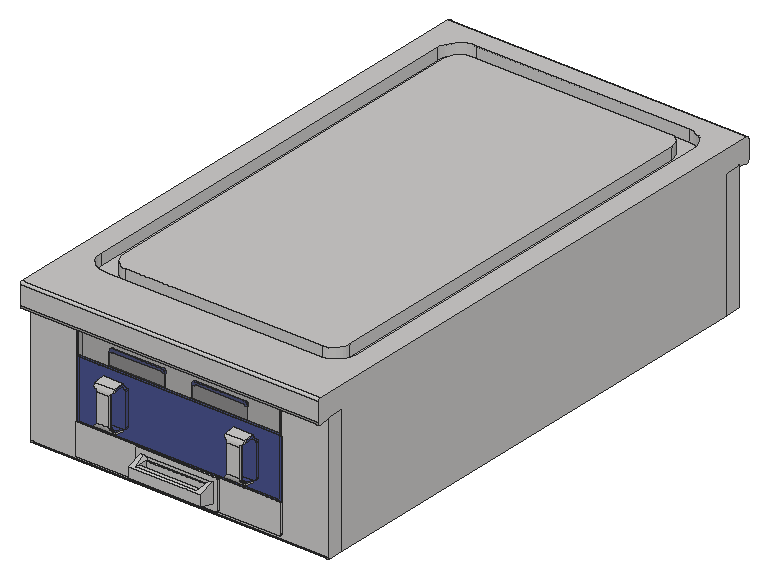
Revit family "QF_ELECTROLUXPROFESSIONAL_589003_MCLBAAEOAO", category Specialty Equipment, Revit 2018
Family settings
  Round Connector Dimension = Use Diameter
  Part Type = Normal
  Work Plane-Based = No
  Always vertical = Yes
  Cut with Voids When Loaded = No
  Shared = No
  Room Calculation Point = No
Parameters
  Weight in Pounds = 165.3
  Watts = 6000 VA  # 6000 W
  Volts = 400 V  # constant formula
  URL Cutsheet = ""
  Type Mark [instance] = ""
  Status [instance] = ""
  Specification by User [instance] = ""
  Specification by Manufacturer = ""
  Show Clearance [instance] = yes
  Serial Number = ""
  Seismic Rating = ""
  SMACNA No = ""
  Revision Code [instance] = ""
  Phase = 3  # constant formula
  Omniclass Number and Title = ""
  Number of Poles [instance] = 1
  NAFEM Spec ID Number = ""
  Model = "589003"
  Min Ckt Ampacity = 0 A
  Max Overcurrent Protection = 0 A
  Masterspec = ""
  Manufacturer = "ELECTROLUX"
  Item Number [instance] = ""
  Installed By [instance] = ""
  Identify Quantity as Lot [instance] = yes
  HP = "8 HP"
  Furnished By [instance] = ""
  Foodservice Equipment Identifier [instance] = yes
  FL Amps [instance] = if(Phase = 3, Watts / (Volts * 1.73), Watts / Volts)  # 8.67052 A
  Electrical Remarks = "400 V/3N ph/50/60 Hz"  # constant formula
  Electric Connection Type [instance] = ""
  Elec Conn RI Height [instance] = 0 mm
  Elec Conn Connection Height [instance] = 0 mm
  Direct Waste Size = 0"
  Description = "EL.SOLID TOP,2 ZONES,ECO,1S,500X900X250H"
  Cycle [instance] = if([60 Hertz Option], 60 Hz, 50 Hz)  # 60 Hz
  Conn Plug = ""
  Conn Conduit = yes
  CSI MasterFormat = ""
  CSI Master Format = ""
  Back Panel [instance] = yes
  Apparent Power [instance] = if(Phase = 3, Volts * FL Amps * 1.73, Volts * FL Amps)  # 6000 VA
  60 Hertz Option [instance] = not([50 Hertz Option])  # yes
  50 Hertz Option [instance] = no
Reference planes
  plane 1 "BACK": y = 0
  plane 2: z = 0
  plane 3 "LEFT": x = 0
  plane 4 "RIGHT": x = 500
  plane 5 "FRONT": y = -900
  plane 6 "TOP": z = 250
  plane 7: x = 250
  plane 8: y = -450
  plane 9: z = 582.185
  plane 10: x = 455
  plane 11: y = -1330
Forms (mm)
  Extrusion 1, solid, material "QF_Finishes_Stainless Steel"
    sketch origin (0, -487.128, 0) x (0, 1, 0) y (0, 0, 1)
      loop
        line (483.128, 250) -> (-408.872, 250)
        arc (-408.872, 250) -> (-411.7, 248.828) -> (-412.872, 246) r 4
        line (-412.872, 246) -> (-412.872, 214)
        arc (-412.872, 214) -> (-411.443, 210.936) -> (-408.177, 210.061) r 4
        line (-408.177, 210.061) -> (-391.509, 213) -> (-366.872, 213) -> (-366.872, 0) -> (441.128, 0) -> (441.128, 213) -> (465.765, 213) -> (482.433, 210.061)
        arc (482.433, 210.061) -> (485.699, 210.936) -> (487.128, 214) r 4
        line (487.128, 214) -> (487.128, 246)
        arc (487.128, 246) -> (485.956, 248.828) -> (483.128, 250) r 4
    from 0 to 500
  Extrusion 2, solid, material "QF_Finishes_Stainless Steel", visible <- "Back Panel"
    sketch origin (0, 0, 0) x (0, 1, 0) y (0, 0, 1)
      loop
        line (-46, 0) -> (-20, 0) -> (-20, 215)
        arc (-20, 215) -> (-20.586, 213.586) -> (-22, 213) r 2
        line (-22, 213) -> (-46, 213) -> (-46, 0)
    from 0 to 500
  Extrusion 3, void
    sketch origin (653.786, 44.048, 250) x (1, 0, 0) y (0, -1, 0)
      loop
        arc (-619.186, 115.648) -> (-608.349, 89.485) -> (-582.186, 78.648) r 37
        line (-582.186, 78.648) -> (-225.386, 78.648)
        arc (-225.386, 78.648) -> (-199.223, 89.485) -> (-188.386, 115.648) r 37
        line (-188.386, 115.648) -> (-188.386, 816.572)
        arc (-188.386, 816.572) -> (-199.656, 843.779) -> (-226.863, 855.048) r 38.476
        line (-226.863, 855.048) -> (-582.186, 855.048)
        arc (-582.186, 855.048) -> (-608.349, 844.211) -> (-619.186, 818.048) r 37
        line (-619.186, 818.048) -> (-619.186, 115.648)
    from 0 to 19.1
  Extrusion 4, solid, material "QF_Finishes_Stainless Steel"
    sketch origin (0, -854, 0) x (1, 0, 0) y (0, -1, 0)
      loop
        circle (455, -169) r 6.35
    from 0 to 3.2
  Extrusion 5, solid, material "QF_Finishes_Stainless Steel"
    sketch origin (653.786, 109.048, 230.9) x (1, 0, 0) y (0, 1, 0)
      loop
        arc (-568.386, -169.048) -> (-586.347, -176.488) -> (-593.786, -194.448) r 25.4
        line (-593.786, -194.448) -> (-593.786, -869.248)
        arc (-593.786, -869.248) -> (-586.347, -887.209) -> (-568.386, -894.648) r 25.4
        line (-568.386, -894.648) -> (-239.186, -894.648)
        arc (-239.186, -894.648) -> (-221.226, -887.209) -> (-213.786, -869.248) r 25.4
        line (-213.786, -869.248) -> (-213.786, -194.448)
        arc (-213.786, -194.448) -> (-221.226, -176.488) -> (-239.186, -169.048) r 25.4
        line (-239.186, -169.048) -> (-568.386, -169.048)
    from 0 to 19.1
  Extrusion 6, solid, material "QF_Door-Drawer Clearances", visible <- "Show Clearance", detail levels coarse
    sketch origin (287.31, -881.593, 8.62) x (0, 0, 1) y (-1, 0, 0)
      loop
        line (1.973, -134.295) -> (49.317, -134.295)
        arc (49.317, -134.295) -> (50.776, -133.691) -> (51.38, -132.232) r 2.063
        line (51.38, -132.232) -> (51.38, 206.852)
        arc (51.38, 206.852) -> (50.88, 208.549) -> (49.541, 209.705) r 3.133
        line (49.541, 209.705) -> (3.067, 209.705)
        arc (3.067, 209.705) -> (0.898, 208.807) -> (0, 206.638) r 3.067
        line (0, 206.638) -> (0, -132.322)
        arc (0, -132.322) -> (0.578, -133.717) -> (1.973, -134.295) r 1.973
    from 0 to 448.407
Cuts and joins
  Extrusion 3 cuts Extrusion 1
Lines and regions (mm)
  symbolic lines
    curve 1: line (0, 0, 0) -> (500, 0, 0)
    curve 2: line (0, -900, 0) -> (0, 0, 0)
    curve 3: line (500, -900, 0) -> (0, -900, 0)
    curve 4: line (500, 0, 0) -> (500, -900, 0)
    curve 5: line (124.883, -902.326, 0) -> (124.883, -900, 0)
    curve 6: spline (130.551, -903.73, 0) -> (130.073, -903.657, 0) -> (129.595, -903.575, 0) -> (129.118, -903.486, 0) -> (128.642, -903.389, 0) -> (128.167, -903.283, 0) -> (127.693, -903.17, 0) -> (127.221, -903.049, 0) -> (126.75, -902.92, 0) -> (126.281, -902.783, 0) -> (125.813, -902.638, 0) -> (125.347, -902.486, 0) -> (124.883, -902.326, 0)
    curve 7: line (157.098, -902.326, 0) -> (157.098, -900, 0)
    curve 8: spline (157.098, -902.326, 0) -> (156.634, -902.486, 0) -> (156.168, -902.638, 0) -> (155.7, -902.783, 0) -> (155.231, -902.92, 0) -> (154.76, -903.049, 0) -> (154.287, -903.17, 0) -> (153.814, -903.283, 0) -> (153.339, -903.389, 0) -> (152.863, -903.486, 0) -> (152.386, -903.575, 0) -> (151.908, -903.657, 0) -> (151.429, -903.73, 0)
    curve 9: line (130.551, -903.73, 0) -> (151.429, -903.73, 0)
    curve 10: line (375.117, -902.326, 0) -> (375.117, -900, 0)
    curve 11: spline (369.449, -903.73, 0) -> (369.927, -903.657, 0) -> (370.405, -903.575, 0) -> (370.882, -903.486, 0) -> (371.358, -903.389, 0) -> (371.833, -903.283, 0) -> (372.307, -903.17, 0) -> (372.779, -903.049, 0) -> (373.25, -902.92, 0) -> (373.719, -902.783, 0) -> (374.187, -902.638, 0) -> (374.653, -902.486, 0) -> (375.117, -902.326, 0)
    curve 12: line (342.902, -902.326, 0) -> (342.902, -900, 0)
    curve 13: spline (342.902, -902.326, 0) -> (343.366, -902.486, 0) -> (343.832, -902.638, 0) -> (344.3, -902.783, 0) -> (344.769, -902.92, 0) -> (345.24, -903.049, 0) -> (345.713, -903.17, 0) -> (346.186, -903.283, 0) -> (346.661, -903.389, 0) -> (347.137, -903.486, 0) -> (347.614, -903.575, 0) -> (348.092, -903.657, 0) -> (348.571, -903.73, 0)
    curve 14: line (369.449, -903.73, 0) -> (348.571, -903.73, 0)
    curve 26: line (414.6, -60, 0) -> (85.4, -60, 0)
    curve 27: arc (85.4, -60, 0) -> (67.439, -67.439, 0) -> (60, -85.4, 0) r 25.4
    curve 28: line (60, -85.4, 0) -> (60, -760.2, 0)
    curve 29: arc (60, -760.2, 0) -> (67.439, -778.161, 0) -> (85.4, -785.6, 0) r 25.4
    curve 30: line (85.4, -785.6, 0) -> (414.6, -785.6, 0)
    curve 31: arc (414.6, -785.6, 0) -> (432.561, -778.161, 0) -> (440, -760.2, 0) r 25.4
    curve 32: line (440, -760.2, 0) -> (440, -85.4, 0)
    curve 33: arc (440, -85.4, 0) -> (432.561, -67.439, 0) -> (414.6, -60, 0) r 25.4
    curve 34: line (197.608, -908.767, 0) -> (196.03, -900, 0)
    curve 35: line (197.608, -908.767, 0) -> (300.042, -908.767, 0)
    curve 36: line (300.042, -908.767, 0) -> (301.62, -900, 0)
  symbolic lines, style "QF_Door-Drawer Clearances"
    curve 15: line (77.605, -1330, 0) -> (77.605, -900, 0)
    curve 16: line (77.605, -1330, 0) -> (421.605, -1330, 0)
    curve 17: line (421.605, -1330, 0) -> (421.605, -900, 0)
  symbolic lines, style "SpecialityEquipment"
    curve 18: line (71.6, -34.6, 0) -> (428.4, -34.6, 0)
    curve 19: arc (428.4, -34.6, 0) -> (454.563, -45.437, 0) -> (465.4, -71.6, 0) r 37
    curve 20: line (465.4, -71.6, 0) -> (465.4, -772.524, 0)
    curve 21: arc (465.4, -772.524, 0) -> (454.131, -799.731, 0) -> (426.924, -811, 0) r 38.476
    curve 22: line (426.924, -811, 0) -> (71.6, -811, 0)
    curve 23: arc (71.6, -811, 0) -> (45.437, -800.163, 0) -> (34.6, -774, 0) r 37
    curve 24: line (34.6, -774, 0) -> (34.6, -71.6, 0)
    curve 25: arc (34.6, -71.6, 0) -> (45.437, -45.437, 0) -> (71.6, -34.6, 0) r 37
Dimensions and locks
  plane 3 "LEFT" to plane 4 "RIGHT" = 500 mm
  plane 5 "FRONT" to plane 1 "BACK" = 900 mm
  equal spacing: plane 3 "LEFT", plane 7, plane 4 "RIGHT"
  equal spacing: plane 5 "FRONT", plane 8, plane 1 "BACK"
  plane 6 "TOP" to level = 250 mm  (x2)
  plane 1 "BACK" to plane 5 "FRONT" = 900 mm
  Extrusion 4 sketch curve to plane 1 "BACK" = 685 mm
  Extrusion 4 sketch curve to plane 4 "RIGHT" = 45 mm
  plane 1 "BACK" to Extrusion 4 = 685 mm
  plane 10 to plane 4 "RIGHT" = 45 mm
  aligned and locked: level to plane 2
  aligned and locked: cut or joined group of Extrusion 1, Extrusion 3 to plane 4 "RIGHT"
  aligned and locked: Extrusion 2 to plane 4 "RIGHT"
  aligned and locked: plane 7 to nested 1
Automatic sketch dimensions
  Extrusion 2 sketch curve to Extrusion 2 sketch curve = 26 mm
  plane 1 "BACK" to Extrusion 2 sketch curve = 22 mm
  Extrusion 2 sketch curve to Extrusion 2 sketch curve = 2 mm
  level to Extrusion 2 sketch curve = 213 mm
  Extrusion 1 sketch curve to plane 5 "FRONT" = 0 mm
  Extrusion 1 sketch curve to plane 6 "TOP" = 0 mm
  Extrusion 1 sketch curve to level = 0 mm
  Extrusion 1 sketch curve to plane 1 "BACK" = 0 mm
  Extrusion 1 sketch curve to plane 6 "TOP" = 37 mm  (x2)
  Extrusion 1 sketch curve to plane 5 "FRONT" = 4 mm
  Extrusion 1 sketch curve to plane 5 "FRONT" = 21.363 mm
  Extrusion 1 sketch curve to plane 5 "FRONT" = 46 mm
  plane 1 "BACK" to Extrusion 1 sketch curve = 21.363 mm
  plane 1 "BACK" to Extrusion 1 sketch curve = 4 mm  (x2)
  Extrusion 1 sketch curve to Extrusion 1 sketch curve = 4 mm
  Extrusion 1 sketch curve to Extrusion 1 sketch curve = 0.695 mm
  Extrusion 1 sketch curve to Extrusion 1 sketch curve = 0 mm  (x4)
  plane 1 "BACK" to Extrusion 1 sketch curve = 4.695 mm
  Extrusion 1 sketch curve to Extrusion 1 sketch curve = 1 mm  (x2)
  plane 1 "BACK" to Extrusion 1 sketch curve = 46 mm
  level to Extrusion 6 sketch curve = 8.62 mm
  level to Extrusion 6 sketch curve = 57.937 mm
  plane 4 "RIGHT" to Extrusion 6 sketch curve = 78.395 mm
  Extrusion 6 sketch curve to Extrusion 6 sketch curve = 1.973 mm
  Extrusion 6 sketch curve to Extrusion 6 sketch curve = 3.067 mm
  Extrusion 6 sketch curve to plane 7 = 172.395 mm
  Extrusion 6 sketch curve to Extrusion 6 sketch curve = 46.474 mm
  Extrusion 6 sketch curve to Extrusion 6 sketch curve = 2.063 mm
  Extrusion 6 sketch curve to Extrusion 6 sketch curve = 3.133 mm
  Extrusion 1 to Extrusion 3 sketch curve = 34.6 mm  (x2)
  Extrusion 1 to Extrusion 3 sketch curve = 85 mm
  Extrusion 1 to Extrusion 3 sketch curve = 30.6 mm
  Extrusion 3 sketch curve to Extrusion 3 sketch curve = 37 mm  (x2)
  Extrusion 1 to Extrusion 3 sketch curve = 73.076 mm
  Extrusion 1 to Extrusion 3 sketch curve = 71.6 mm
  Extrusion 5 sketch curve to Extrusion 3 = 25.4 mm  (x3)
  Extrusion 5 sketch curve to Extrusion 5 sketch curve = 25.4 mm  (x2)
  Extrusion 5 sketch curve to Extrusion 3 = 50.8 mm  (x3)
  curve 4 to plane 4 "RIGHT" = 0 mm
  curve 16 to plane 11 = 0 mm
  curve 2 to plane 3 "LEFT" = 0 mm
  plane 1 "BACK" to curve 1 = 0 mm
  plane 5 "FRONT" to curve 36 = 0 mm
  curve 20 to plane 10 = 10.4 mm
  plane 10 to curve 32 = 15 mm
  plane 10 to curve 18 = 26.6 mm
  plane 10 to curve 22 = 28.076 mm
  plane 10 to curve 16 = 33.395 mm
  curve 21 to curve 30 = 12.324 mm
  curve 19 to curve 26 = 13.8 mm
  plane 5 "FRONT" to curve 10 = 2.326 mm
  curve 17 to curve 10 = 46.488 mm
  plane 5 "FRONT" to curve 14 = 3.73 mm
  curve 10 to curve 14 = 5.669 mm
  curve 14 to curve 14 = 20.878 mm
  plane 5 "FRONT" to curve 12 = 2.326 mm
  curve 14 to curve 12 = 5.669 mm
  curve 35 to plane 7 = 52.392 mm
  plane 5 "FRONT" to curve 7 = 2.326 mm
  curve 34 to curve 7 = 40.51 mm
  plane 5 "FRONT" to curve 9 = 3.73 mm
  curve 7 to curve 9 = 5.669 mm
  curve 9 to curve 9 = 20.878 mm
  plane 5 "FRONT" to curve 5 = 2.326 mm
  curve 6 to curve 5 = 5.669 mm
  plane 3 "LEFT" to curve 26 = 85.4 mm
  plane 3 "LEFT" to curve 30 = 85.4 mm
  plane 3 "LEFT" to curve 16 = 77.605 mm
  curve 27 to curve 18 = 13.8 mm
  curve 30 to curve 22 = 13.8 mm
  curve 25 to curve 28 = 11.6 mm
  curve 27 to curve 24 = 25.4 mm
  plane 5 "FRONT" to curve 11 = 4.032 mm
  curve 14 to curve 11 = 4.17 mm
  plane 5 "FRONT" to curve 13 = 4.032 mm
  curve 13 to curve 13 = 4.17 mm
  curve 12 to curve 36 = 41.282 mm
  plane 5 "FRONT" to curve 36 = 8.767 mm
  curve 36 to curve 36 = 1.578 mm
  curve 34 to curve 34 = 1.578 mm
  plane 5 "FRONT" to curve 8 = 4.032 mm
  curve 9 to curve 8 = 4.17 mm
  plane 5 "FRONT" to curve 6 = 4.032 mm
  curve 6 to curve 6 = 4.17 mm
  plane 1 "BACK" to curve 18 = 34.6 mm
  curve 26 to curve 19 = 11.6 mm
  curve 28 to curve 6 = 100.699 mm
  curve 32 to curve 20 = 12.324 mm
  Extrusion 2 sketch curve to level = 0 mm
  radius of Extrusion 4 sketch curve = 6.35 mm
Nested families
  nested 1: "EST_900_500 mm Double Control Front Panel" at (252.376, -854, -650), type "EST_900_500 mm Double Control Front Panel"
Connectors
  electrical at (455, -685, -3.2), driven by "Volts", driven by "Watts"
    settings: on Extrusion 4, index 1, voltage 400 V, apparent load 6000 VA, apparent load phase1 0 VA, apparent load phase2 0 VA, apparent load phase3 0 VA, power factor 1, load classification "Other", number of poles 1, system type 30, power factor state 1, is connector primary yes, connector utility no, sub classification motor no, connector description "ELECTRICAL CONNECTION"
Definition of nested family "EST_900_500 mm Double Control Front Panel"
  Parameters
    Length = 500 mm
  Reference planes
    plane 1 "Center (Front/Back)": y = 0
    plane 2: z = 0
    plane 3 "Center (Left/Right)": x = -2.376
    plane 4: x = -252.376
    plane 5: x = 247.624
  Forms (mm)
    Extrusion 1, solid
      sketch origin (833.217, 829.203, -1.25) x (0, 1, 0) y (0, 0, 1)
        loop
          arc (-854.203, 654.25) -> (-853.324, 652.129) -> (-851.203, 651.25) r 3
          line (-851.203, 651.25) -> (-829.203, 651.25) -> (-829.203, 864.25) -> (-854.203, 864.25) -> (-854.203, 654.25)
      from -1085.593 to -585.593
    Extrusion 2, void
      sketch origin (33.217, 829.203, -1.25) x (1, 0, 0) y (0, 0, 1)
        loop
          line (-207.593, 852.364) -> (-207.593, 710.364) -> (136.407, 710.364) -> (136.407, 852.364) -> (-207.593, 852.364)
      from 843.409 to 854.203
  Cuts and joins
    Extrusion 2 cuts Extrusion 1
  Dimensions and locks
    equal spacing: plane 5, plane 3 "Center (Left/Right)", plane 4
    "Length": plane 5 to plane 4
    locked: nested 2 to plane 4 at 117.396
    locked: plane 5 to nested 1 at 117
    locked: nested 2 to plane 4 at 141.217
    locked: plane 5 to nested 1 at 140.821
    aligned and locked: cut or joined group of Extrusion 1, Extrusion 2 to plane 4
    aligned and locked: plane 5 to cut or joined group of Extrusion 1, Extrusion 2
    aligned and locked: plane 3 "Center (Left/Right)" to nested 3
  Automatic sketch dimensions
    Extrusion 1 sketch curve to plane 1 "Center (Front/Back)" = 0 mm
    plane 1 "Center (Front/Back)" to Extrusion 1 sketch curve = 22 mm
    Extrusion 1 sketch curve to Extrusion 1 sketch curve = 3 mm
    level to Extrusion 1 sketch curve = 650 mm
    Extrusion 1 sketch curve to Extrusion 1 sketch curve = 210 mm
    plane 4 to Extrusion 2 sketch curve = 78 mm
    Extrusion 2 sketch curve to plane 5 = 78 mm
    level to Extrusion 2 sketch curve = 709.114 mm
    Extrusion 2 sketch curve to Extrusion 2 sketch curve = 142 mm
  Nested families
    nested 1: "Range Control Handle" at (106.804, -28.137, -209.113), type "Range Control Handle"
    nested 2: "Range Control Handle" at (-111.159, -28.137, -209.113) x (-1, 0, 0) z (0, 0, 1), type "Range Control Handle"
    nested 3: "glass conrol panel One Right Side" at (-2.376, 278.697, 0), type "glass conrol panel One Right Side"
    nested 4: "grease trap door" at (65.223, -25, 0.608) x (-1, 0, 0) z (0, 0, 1), type "grease trap door"
  Definition of nested family "Range Control Handle"
    Reference planes
      plane 1 "Center (Front/Back)": y = 0
      plane 2: z = 0
      plane 3 "Center (Left/Right)": x = 0
      plane 4: z = 971.092
    Forms (mm)
      Extrusion 1, solid
        sketch origin (-746.28, 380.497, 208.931) x (-1, 0, 0) y (0, 0, 1)
          loop
            line (-770.101, 786.798) -> (-770.101, 731.649)
            arc (-770.101, 731.649) -> (-769.759, 730.563) -> (-768.855, 729.87) r 1.893
            line (-768.855, 729.87) -> (-763.474, 727.911) -> (-729.81, 727.911) -> (-724.428, 729.87)
            arc (-724.428, 729.87) -> (-723.525, 730.563) -> (-723.183, 731.649) r 1.893
            line (-723.183, 731.649) -> (-723.183, 786.798)
            arc (-723.183, 786.798) -> (-723.529, 787.894) -> (-724.44, 788.593) r 1.91
            line (-724.44, 788.593) -> (-729.683, 790.819) -> (-763.601, 790.819) -> (-768.844, 788.593)
            arc (-768.844, 788.593) -> (-769.755, 787.894) -> (-770.101, 786.798) r 1.91
        from -382.35 to -378.852
      Sweep 2, solid
        path origin (-746.788, 380.496, 208.091) x (0, -1, 0) y (0, 0, 1)
          loop
            line (379.775, 793.281) -> (395.661, 791.048)
            arc (395.661, 791.048) -> (397.781, 787.377) -> (398.517, 783.202) r 12.207
            line (398.517, 783.202) -> (398.517, 737.368)
            arc (398.517, 737.368) -> (397.781, 733.193) -> (395.661, 729.522) r 12.207
            line (395.661, 729.522) -> (379.775, 727.289)
        profile origin (-746.788, -7.222, 1000.256) x (0, -0.139173, 0.990268) y (-1, 0, 0)
          loop
            line (0.782, -763.123) -> (0.782, -730.907) -> (-1.322, -730.907) -> (-1.322, -763.123) -> (0.782, -763.123)
      Sweep 3, solid
        path origin (-746.788, 380.715, 207.832) x (0, -1, 0) y (0, 0, 1)
          loop
            line (380.478, 795.442) -> (397.218, 793.09)
            arc (397.218, 793.09) -> (399.929, 788.473) -> (400.871, 783.202) r 15.207
            line (400.871, 783.202) -> (400.871, 737.584)
            arc (400.871, 737.584) -> (399.914, 732.274) -> (397.164, 727.633) r 15.207
            line (397.164, 727.633) -> (380.601, 725.305)
        profile origin (-746.788, -8.132, 1002.099) x (0, -0.139173, 0.990268) y (-1, 0, 0)
          loop
            line (0.782, -763.123) -> (0.782, -730.907) -> (-1.322, -730.907) -> (-1.322, -763.123) -> (0.782, -763.123)
      Extrusion 4, void
        sketch origin (889.253, 220.666, 207.993) x (1, 0, 0) y (0, 0, 1)
          loop
            line (-943.038, 816.854) -> (-943.038, 703.686) -> (-899.466, 734.196) -> (-899.466, 786.344) -> (-943.038, 816.854)
        from 230.636 to 242.25
      Extrusion 5, void
        sketch origin (-888.8, 220.666, 207.993) x (-1, 0, 0) y (0, 0, -1)
          loop
            line (-943.038, -816.854) -> (-899.466, -786.344) -> (-899.466, -734.196) -> (-943.038, -703.686) -> (-943.038, -816.854)
        from 230.636 to 242.25
      Extrusion 6, solid
        sketch origin (0, 0, 0) x (1, 0, 0) y (0, 0, 1)
          loop
            circle (0, 971.092) r 7.736
        from -3.137 to -1.645
    Cuts and joins
      Extrusion 4, Extrusion 5 cuts Sweep 3
      Extrusion 4, Extrusion 5 cuts Sweep 2
      joined: Extrusion 1, Extrusion 6
    Lines and regions (mm)
      symbolic lines
        curve 1: line (23.821, 1.645, 0) -> (-23.097, 1.645, 0)
        curve 2: line (16.334, -1.853, 0) -> (23.821, -1.853, 0)
        curve 3: line (-15.881, -19.189, 0) -> (-15.881, -1.853, 0)
        curve 4: line (-23.097, -1.853, 0) -> (-15.881, -1.853, 0)
        curve 5: line (16.334, -19.189, 0) -> (16.334, -1.853, 0)
        curve 6: spline (-15.881, -19.189, 0) -> (-15.417, -19.349, 0) -> (-14.951, -19.501, 0) -> (-14.483, -19.646, 0) -> (-14.014, -19.783, 0) -> (-13.543, -19.912, 0) -> (-13.071, -20.033, 0) -> (-12.597, -20.146, 0) -> (-12.122, -20.251, 0) -> (-11.646, -20.349, 0) -> (-11.169, -20.438, 0) -> (-10.691, -20.52, 0) -> (-10.213, -20.593, 0)
        curve 7: spline (10.666, -20.593, 0) -> (11.144, -20.52, 0) -> (11.622, -20.438, 0) -> (12.099, -20.349, 0) -> (12.575, -20.251, 0) -> (13.05, -20.146, 0) -> (13.524, -20.033, 0) -> (13.996, -19.912, 0) -> (14.467, -19.783, 0) -> (14.936, -19.646, 0) -> (15.404, -19.501, 0) -> (15.87, -19.349, 0) -> (16.334, -19.189, 0)
        curve 8: line (-10.213, -20.938, 0) -> (10.716, -20.938, 0)
        curve 9: line (-23.097, 1.645, 0) -> (-23.097, -1.853, 0)
        curve 10: line (23.821, 1.645, 0) -> (23.821, -1.853, 0)
  Definition of nested family "glass conrol panel One Right Side"
    Reference planes
      plane 1 "Center (Front/Back)": y = 0
      plane 2: z = 0
      plane 3 "Center (Left/Right)": x = 0
    Forms (mm)
      Extrusion 1, solid
        sketch origin (378.286, 0, 0.617) x (1, 0, 0) y (0, 0, 1)
          loop
            line (-550.286, 806.791) -> (-550.286, 708.497) -> (-206.286, 708.497) -> (-206.286, 806.791) -> (-550.286, 806.791)
        from 300.031 to 304.8
      Extrusion 2, solid
        sketch origin (378.286, 0, 0.617) x (1, 0, 0) y (0, 0, 1)
          loop
            line (-550.286, 850.497) -> (-550.286, 806.791) -> (-206.286, 806.791) -> (-206.286, 850.497) -> (-550.286, 850.497)
        from 300.031 to 304.8
      Extrusion 3, void
        sketch origin (378.286, 0, 0.617) x (1, 0, 0) y (0, 0, 1)
          loop
            line (-547.628, 847.565) -> (-547.628, 710.699) -> (-209.196, 710.699) -> (-209.196, 847.565) -> (-547.628, 847.565)
        from 303.697 to 304.8
      Extrusion 4, solid
        sketch origin (377.536, 1.101, -0.633) x (1, 0, 0) y (0, 0, 1)
          loop
            line (-261.431, 812.62) -> (-261.431, 834.177) -> (-266.24, 834.177) -> (-268.039, 835.977) -> (-348.469, 835.977) -> (-350.269, 834.177) -> (-355.186, 834.177) -> (-355.186, 812.62) -> (-261.431, 812.62)
        from 304.798 to 306.745
      Extrusion 5, solid
        sketch origin (377.536, 1.101, -0.633) x (1, 0, 0) y (0, 0, 1)
          loop
            line (-350.269, 834.177) -> (-348.469, 835.977) -> (-268.039, 835.977) -> (-266.24, 834.177) -> (-261.529, 834.177)
            arc (-261.529, 834.177) -> (-262.706, 838.752) -> (-266.98, 840.763) r 5.549
            line (-266.98, 840.763) -> (-349.686, 840.763)
            arc (-349.686, 840.763) -> (-353.942, 838.747) -> (-355.078, 834.177) r 5.5
            line (-355.078, 834.177) -> (-350.269, 834.177)
        from 304.798 to 306.745
      Extrusion 6, solid
        sketch origin (-377.536, 1.101, -0.633) x (-1, 0, 0) y (0, 0, -1)
          loop
            line (-261.431, -812.62) -> (-355.186, -812.62) -> (-355.186, -834.177) -> (-350.269, -834.177) -> (-348.469, -835.977) -> (-268.039, -835.977) -> (-266.24, -834.177) -> (-261.431, -834.177) -> (-261.431, -812.62)
        from 304.798 to 306.745
      Extrusion 7, solid
        sketch origin (-377.536, 1.101, -0.633) x (-1, 0, 0) y (0, 0, -1)
          loop
            line (-350.269, -834.177) -> (-355.078, -834.177)
            arc (-355.078, -834.177) -> (-353.942, -838.747) -> (-349.686, -840.763) r 5.5
            line (-349.686, -840.763) -> (-266.98, -840.763)
            arc (-266.98, -840.763) -> (-262.706, -838.752) -> (-261.529, -834.177) r 5.549
            line (-261.529, -834.177) -> (-266.24, -834.177) -> (-268.039, -835.977) -> (-348.469, -835.977) -> (-350.269, -834.177)
        from 304.798 to 306.745
    Cuts and joins
      Extrusion 3 cuts Extrusion 1
      Extrusion 3 cuts Extrusion 2
      Extrusion 3 cuts Extrusion 4
      Extrusion 3 cuts Extrusion 5
    Dimensions and locks
      aligned and locked: Extrusion 1 to Extrusion 2
      aligned and locked: Extrusion 5 sketch curve to Extrusion 4  (x4)
      aligned and locked: Extrusion 4 to Extrusion 5 sketch curve
      aligned and locked: Extrusion 5 to Extrusion 4
      aligned and locked: Extrusion 7 sketch curve to Extrusion 6  (x5)
      aligned and locked: Extrusion 7 to Extrusion 6
  Definition of nested family "grease trap door"
    Reference planes
      plane 1 "Center (Front/Back)": y = 0
      plane 2: z = 0
      plane 3 "Center (Left/Right)": x = 0
    Forms (mm)
      Extrusion 1, solid
        sketch origin (1627.55, 854.203, -1.25) x (1, 0, 0) y (0, 0, 1)
          loop
            arc (-1627.55, 661.235) -> (-1626.972, 659.84) -> (-1625.577, 659.262) r 1.973
            line (-1625.577, 659.262) -> (-1494.325, 659.262)
            arc (-1494.325, 659.262) -> (-1492.156, 660.16) -> (-1491.258, 662.329) r 3.067
            line (-1491.258, 662.329) -> (-1491.258, 708.803)
            arc (-1491.258, 708.803) -> (-1492.414, 710.143) -> (-1494.111, 710.642) r 3.133
            line (-1494.111, 710.642) -> (-1625.486, 710.642)
            arc (-1625.486, 710.642) -> (-1626.945, 710.038) -> (-1627.55, 708.579) r 2.063
            line (-1627.55, 708.579) -> (-1627.55, 661.235)
        from 856.795 to 859.203
      Extrusion 2, solid
        sketch origin (445.874, 2476.61, 0) x (0, 1, 0) y (0, 0, 1)
          loop
            line (-2506.377, 675.273) -> (-2481.61, 667.505) -> (-2481.61, 700.995) -> (-2506.377, 693.227) -> (-2506.377, 675.273)
        from -437.68 to -317.68
      Extrusion 3, void
        sketch origin (1627.55, 854.203, -1.25) x (1, 0, 0) y (0, 0, 1)
          loop
            line (-1614.883, 703) -> (-1610.542, 695.433) -> (-1508.17, 695.433) -> (-1503.828, 703) -> (-1614.883, 703)
          loop
            line (-1614.883, 668) -> (-1502.669, 668) -> (-1507.01, 675.567) -> (-1610.542, 675.567) -> (-1614.883, 668)
        from 832.916 to 883.97
      Extrusion 4, void
        sketch origin (447.55, 854.203, -1.25) x (1, 0, 0) y (0, 0, 1)
          loop
            line (-430.542, 695.433) -> (-430.542, 675.567) -> (-328.17, 675.567) -> (-328.17, 695.433) -> (-430.542, 695.433)
        from 859.203 to 874.202
      Extrusion 5, solid
        sketch origin (1627.55, 854.203, -1.25) x (1, 0, 0) y (0, 0, 1)
          loop
            arc (-1731.556, 661.235) -> (-1730.978, 659.84) -> (-1729.583, 659.262) r 1.973
            line (-1729.583, 659.262) -> (-1390.623, 659.262)
            arc (-1390.623, 659.262) -> (-1388.454, 660.16) -> (-1387.556, 662.329) r 3.067
            line (-1387.556, 662.329) -> (-1387.556, 708.803)
            arc (-1387.556, 708.803) -> (-1388.712, 710.143) -> (-1390.409, 710.642) r 3.133
            line (-1390.409, 710.642) -> (-1729.493, 710.642)
            arc (-1729.493, 710.642) -> (-1730.952, 710.038) -> (-1731.556, 708.579) r 2.063
            line (-1731.556, 708.579) -> (-1731.556, 661.235)
        from 854.203 to 856.795
    Cuts and joins
      Extrusion 3 cuts Extrusion 1
      Extrusion 3, Extrusion 4 cuts Extrusion 2
      joined: Extrusion 1, Extrusion 2
    Lines and regions (mm)
      symbolic lines
        curve 1: line (0, -2.593, 0) -> (136.292, -2.593, 0)
        curve 2: line (17.557, -29.767, 0) -> (12.667, -2.593, 0)
        curve 3: line (17.557, -29.767, 0) -> (119.991, -29.767, 0)
        curve 4: line (119.991, -29.767, 0) -> (124.881, -2.593, 0)
        curve 5: line (68.146, -2.593, 0) -> (68.146, -29.767, 0)
      model lines
        curve 6: line (67.599, 0, 658.012) -> (67.599, 0, 709.392)
    Dimensions and locks
      aligned and locked: Extrusion 2 to Extrusion 1
      aligned and locked: Extrusion 3 to Extrusion 2
      aligned and locked: Extrusion 4 to Extrusion 1
